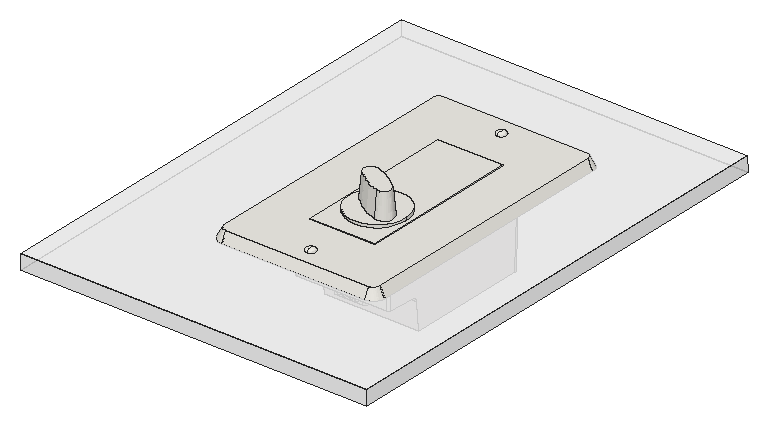
Revit family "AT-063AP", category Communication Devices, host Face, Revit 2016
Family settings
  Host = Face
  Maintain Annotation Orientation = No
  Part Type = Normal
  Round Connector Dimension = Use Diameter
  OmniClass Number = 23.85.10.11.14
  OmniClass Title = Audio Equipment
  Cut with Voids When Loaded = Yes
  Shared = No
  Room Calculation Point = No
Parameters (values of type "AT-063AP")
  Weight = "170 g (0.37 lb)(unit only)"
  URL = "http://toa.com.sg"
  Terminal = "Push-in connector"
  Model Type = "Attenuator"
  Dimension (attenuator only) = "41 (w) x 108 (h) x 52.4 (d) mm"
  Attenuation = "5 steps (0 dB, – 6 dB, – 12 dB, – 18 dB,OFF)"
  Input Volume = "0.5 – 6 W"
  Rated Impedance = "20 kΩ – 1.7 kΩ\r\n70V line: 1.7kΩ (3W), 3.3kΩ (1.5W), 10kΩ (0.5W)"
  Model By = "BIMLIFE PTE LTD"  # constant formula
  Model = "AT-063AP"
  Manufacturer = "TOA Electronics Pte Ltd"  # constant formula
  Supplier Tel = "+65 6835 9119"  # constant formula
  Supplier Fax = "+65 6835 9559"  # constant formula
  Supplier Address = "491B River Valley Road, #19-03/04 Valley Point Office Tower, Singapore 248373"  # constant formula
  Supplier = "TOA Electronics Pte Ltd"  # constant formula
  Suppiler Email = "http://toa.com.sg"  # constant formula
  Material = OFF-WHITE
  Finish = "Knob, panel, plate: ABS resin, white (RAL 1013 or equivalent color), Case: ABS resin, black"
  Dimension (with plate) = "70 (w) x 120 (h) x 52.4 (d) mm"
  Default Elevation = 0 mm
  Copyright To = "TOA Electronics Pte Ltd"  # constant formula
  Applicable Cable = "600 V vinyl-insulated cable (Indoor Vinyl or Heat-resistant Indoor Vinyl cable) Solid cable: ø0.8 (0.03\") – ø1.6 (0.06\") mm"
Reference planes
  plane 1 "Center (Front/Back)": y = 0
  plane 2: z = 0
  plane 3 "Center (Left/Right)": x = 0
Forms (mm)
  Extrusion 1, solid, material "Surface"
    sketch origin (1.238, -13.929, 0) x (1, 0, 0) y (0, 1, 0)
      loop
        line (-79.405, 109.432) -> (-79.405, -93.236) -> (67.641, -93.236) -> (67.641, 109.432) -> (-79.405, 109.432)
    from 0 to -6.497
  Extrusion 2, solid, material "OFF-WHITE" <- "Material"
    sketch origin (0, 0, 0) x (1, 0, 0) y (0, 1, 0)
      loop
        line (-13.8, 34.15) -> (-13.8, -34.15) -> (13.8, -34.15) -> (13.8, 34.15) -> (-13.8, 34.15)
    from 0 to 4
  Blend 3, solid, material "OFF-WHITE" <- "Material"
    base sketch origin (-322.903, -0.061, 0) x (1, 0, 0) y (0, 1, 0)
      loop
        line (353.237, 60.061) -> (292.57, 60.061)
        arc (292.57, 60.061) -> (289.27, 58.694) -> (287.903, 55.395) r 4.667
        line (287.903, 55.395) -> (287.903, -55.272)
        arc (287.903, -55.272) -> (289.27, -58.572) -> (292.57, -59.939) r 4.667
        line (292.57, -59.939) -> (353.237, -59.939)
        arc (353.237, -59.939) -> (356.537, -58.572) -> (357.903, -55.272) r 4.667
        line (357.903, -55.272) -> (357.903, 55.395)
        arc (357.903, 55.395) -> (356.537, 58.694) -> (353.237, 60.061) r 4.667
    top sketch origin (-322.903, -0.061, 0) x (1, 0, 0) y (0, 1, 0)
      loop
        line (289.903, 55.395) -> (289.903, -55.272)
        arc (289.903, -55.272) -> (290.684, -57.158) -> (292.57, -57.939) r 2.667
        line (292.57, -57.939) -> (353.237, -57.939)
        arc (353.237, -57.939) -> (355.122, -57.158) -> (355.903, -55.272) r 2.667
        line (355.903, -55.272) -> (355.903, 55.395)
        arc (355.903, 55.395) -> (355.122, 57.28) -> (353.237, 58.061) r 2.667
        line (353.237, 58.061) -> (292.57, 58.061)
        arc (292.57, 58.061) -> (290.684, 57.28) -> (289.903, 55.395) r 2.667
    from 0 to 4
  Extrusion 4, void
    sketch origin (0, 0, 0) x (1, 0, 0) y (0, 1, 0)
      loop
        line (-13.8, 34.15) -> (-13.8, -34.15) -> (13.8, -34.15) -> (13.8, 34.15) -> (-13.8, 34.15)
    from 0 to 4
  Extrusion 5, solid, material "OFF-WHITE" <- "Material"
    sketch origin (-322.903, -0.061, 4) x (1, 0, 0) y (0, 1, 0)
      loop
        circle (322.903, -15.249) r 12.197
    from 0 to 1
  Blend 6, solid, material "OFF-WHITE" <- "Material"
    base sketch origin (-322.903, -0.061, 5) x (1, 0, 0) y (0, 1, 0)
      loop
        arc (330.969, -15.642) -> (325.306, -11.088) -> (318.53, -8.46) r 23.754
        arc (318.53, -8.46) -> (314.26, -10.258) -> (314.838, -14.856) r 3.835
        arc (314.838, -14.856) -> (320.501, -19.409) -> (327.276, -22.038) r 23.754
        arc (327.276, -22.038) -> (331.546, -20.239) -> (330.969, -15.642) r 3.836
    top sketch origin (-322.903, -0.061, 5) x (1, 0, 0) y (0, 1, 0)
      loop
        arc (315.564, -14.168) -> (321.001, -18.543) -> (327.508, -21.065) r 22.754
        arc (327.508, -21.065) -> (330.68, -19.739) -> (330.243, -16.329) r 2.836
        arc (330.243, -16.329) -> (324.805, -11.954) -> (318.298, -9.433) r 22.754
        arc (318.298, -9.433) -> (315.126, -10.758) -> (315.564, -14.168) r 2.835
    from 0 to 10.5
  Revolve 7, solid, material "OFF-WHITE" <- "Material"
    sketch origin (0, 16.7, 0) x (0, 1, 0) y (0, 0, 1)
      loop
        line (33.8, 4) -> (33.8, 5)
        spline (33.8, 5) -> (33.539, 4.991) -> (33.282, 4.966) -> (33.035, 4.924) -> (32.8, 4.866) -> (32.582, 4.793) -> (32.386, 4.707) -> (32.213, 4.609) -> (32.068, 4.5) -> (31.952, 4.383) -> (31.868, 4.259) -> (31.817, 4.131) -> (31.8, 4)
        line (31.8, 4) -> (33.8, 4)
      axis (33.8, 5) -> (33.8, 4)
    angle from 0 to 360
  Revolve 8, solid, material "OFF-WHITE" <- "Material"
    sketch origin (0, -84.3, 0) x (0, 1, 0) y (0, 0, 1)
      loop
        line (33.8, 4) -> (33.8, 5)
        spline (33.8, 5) -> (33.539, 4.991) -> (33.282, 4.966) -> (33.035, 4.924) -> (32.8, 4.866) -> (32.582, 4.793) -> (32.386, 4.707) -> (32.213, 4.609) -> (32.068, 4.5) -> (31.952, 4.383) -> (31.868, 4.259) -> (31.817, 4.131) -> (31.8, 4)
        line (31.8, 4) -> (33.8, 4)
      axis (33.8, 5) -> (33.8, 4)
    angle from 0 to 360
  Blend 9, solid, material "OFF-WHITE" <- "Material"
    base sketch origin (-245.404, 0, 0) x (1, 0, 0) y (0, 1, 0)
      loop
        arc (226.481, 33.914) -> (225.773, 33.621) -> (225.481, 32.914) r 1
        line (225.481, 32.914) -> (225.481, -32.914)
        arc (225.481, -32.914) -> (225.775, -33.618) -> (226.48, -33.91) r 1
        line (226.48, -33.91) -> (264.328, -33.91)
        arc (264.328, -33.91) -> (265.034, -33.618) -> (265.328, -32.914) r 1
        line (265.328, -32.914) -> (265.328, 32.914)
        arc (265.328, 32.914) -> (265.035, 33.621) -> (264.328, 33.914) r 1
        line (264.328, 33.914) -> (226.481, 33.914)
    top sketch origin (-245.404, 0, 0) x (1, 0, 0) y (0, 1, 0)
      loop
        line (265.904, -33.508) -> (265.904, 33.49)
        arc (265.904, 33.49) -> (265.611, 34.197) -> (264.904, 34.49) r 1.001
        line (264.904, 34.49) -> (225.904, 34.49)
        arc (225.904, 34.49) -> (225.197, 34.197) -> (224.904, 33.49) r 1.001
        line (224.904, 33.49) -> (224.904, -33.51)
        arc (224.904, -33.51) -> (225.197, -34.217) -> (225.904, -34.51) r 1.001
        line (225.904, -34.51) -> (264.904, -34.51)
        arc (264.904, -34.51) -> (265.612, -34.216) -> (265.904, -33.508) r 1.001
    from -34 to 0
  Extrusion 10, void
    sketch origin (0, 0, 0) x (0, -1, 0) y (0, 0, -1)
      loop
        line (21.733, 20) -> (35.003, 19.487) -> (34.49, 37.494) -> (17.759, 37.494) -> (19.49, 22.243)
        arc (19.49, 22.243) -> (20.147, 20.657) -> (21.733, 20) r 2.243
    from -29.842 to 35
  Extrusion 11, solid, material "OFF-WHITE" <- "Material"
    sketch origin (0, 0, 0) x (0, 1, 0) y (0, 0, 1)
      loop
        line (-21.559, -20.007) -> (-30.608, -19.657) -> (-30.608, -23.419) -> (-27.846, -24.515) -> (-19.232, -24.515) -> (-19.547, -21.74)
        arc (-19.547, -21.74) -> (-20.269, -20.543) -> (-21.559, -20.007) r 2.243
    from -6 to 6
  Extrusion 12, solid, material "OFF-WHITE" <- "Material"
    sketch origin (0.094, -29.753, -20.736) x (0, 0, -1) y (1, 0, 0)
      loop
        circle (0.99, -4) r 1
      loop
        circle (0.99, -1.5) r 1
      loop
        circle (0.99, 1) r 1
      loop
        circle (0.99, 3.5) r 1
    from 0 to 1
Cuts and joins
  joined: Extrusion 5, Blend 6
  Extrusion 10 cuts Blend 9
Lines and regions (mm)
  model lines
    curve 1: line (-3.167, 18.17, 4) -> (-3.167, 20.503, 4)
    curve 2: line (-3.167, 18.17, 4) -> (-2.167, 18.17, 4)
    curve 3: line (-2.167, 20.503, 4) -> (-2.167, 18.17, 4)
    curve 4: line (-3.167, 20.503, 4) -> (-2.167, 20.503, 4)
    curve 5: line (-1.667, 20.503, 4) -> (-1.667, 18.17, 4)
    curve 6: line (0, 21.303, 4) -> (-1.667, 20.503, 4)
    curve 7: line (-1.667, 18.17, 4) -> (0, 17.37, 4)
    curve 8: line (0, 17.37, 4) -> (0, 21.303, 4)
    curve 9: arc (0.703, 17.024, 4) -> (1.341, 19.336, 4) -> (0.703, 21.649, 4) r 4.51
    curve 10: arc (1.547, 16.621, 4) -> (2.268, 19.336, 4) -> (1.547, 22.052, 4) r 5.476
    curve 11: arc (2.39, 16.217, 4) -> (3.198, 19.336, 4) -> (2.39, 22.456, 4) r 6.424
    curve 12: arc (-3.669, -2.318, 4) -> (-5.443, -2.956, 4) -> (-7.111, -3.835, 4) r 13.5
    curve 13: arc (-4.113, -1.066, 4) -> (-5.924, -1.988, 4) -> (-7.599, -3.14, 4) r 15.5
    curve 14: arc (1.539, -1.898, 4) -> (0.116, -1.81, 4) -> (-1.307, -1.873, 4) r 13.5
    curve 15: arc (1.521, 0.183, 4) -> (-0.041, 0.055, 4) -> (-1.581, -0.229, 4) r 15.5
    curve 16: line (2.15, -1.353, 4) -> (2.15, -0.427, 4)
    curve 17: line (3.244, -0.497, 4) -> (3.244, -1.725, 4)
    curve 18: arc (7.348, -3.985, 4) -> (5.585, -3.02, 4) -> (3.698, -2.326, 4) r 13.5
    curve 19: arc (7.409, -0.784, 4) -> (5.674, -0.252, 4) -> (3.889, 0.074, 4) r 15.5
    curve 20: line (7.944, -3.662, 4) -> (7.944, -1.554, 4)
    curve 21: line (9.111, -2.26, 4) -> (9.111, -4.861, 4)
    curve 22: arc (12.305, -3.732, 4) -> (11.076, -2.745, 4) -> (9.754, -1.889, 4) r 15.5
    curve 23: arc (12.283, -9.709, 4) -> (11.053, -7.559, 4) -> (9.45, -5.669, 4) r 13.5
    curve 24: line (12.911, -9.573, 4) -> (12.911, -5.082, 4)
    curve 25: arc (-7.599, -3.14, 4) -> (-7.683, -3.717, 4) -> (-7.111, -3.835, 4) r 0.425
    curve 26: arc (-4.113, -1.066, 4) -> (-3.223, -1.456, 4) -> (-3.669, -2.318, 4) r 0.665
    curve 27: arc (-1.581, -0.229, 4) -> (-2.212, -1.179, 4) -> (-1.307, -1.873, 4) r 0.835
    curve 28: arc (2.15, -0.427, 4) -> (1.964, 0.011, 4) -> (1.521, 0.183, 4) r 0.61
    curve 29: arc (2.15, -1.353, 4) -> (1.966, -1.762, 4) -> (1.539, -1.898, 4) r 0.549
    curve 30: arc (3.889, 0.074, 4) -> (3.438, -0.066, 4) -> (3.244, -0.497, 4) r 0.575
    curve 31: arc (3.244, -1.725, 4) -> (3.37, -2.102, 4) -> (3.698, -2.326, 4) r 0.626
    curve 32: arc (7.944, -3.662, 4) -> (7.742, -4.001, 4) -> (7.348, -3.985, 4) r 0.386
    curve 33: arc (7.944, -1.554, 4) -> (7.797, -1.086, 4) -> (7.409, -0.784, 4) r 0.821
    curve 34: arc (9.754, -1.889, 4) -> (9.325, -1.889, 4) -> (9.111, -2.26, 4) r 0.429
    curve 35: arc (9.111, -4.861, 4) -> (9.199, -5.299, 4) -> (9.45, -5.669, 4) r 1.131
    curve 36: arc (12.911, -9.573, 4) -> (12.652, -9.894, 4) -> (12.283, -9.709, 4) r 0.328
    curve 37: arc (12.911, -5.082, 4) -> (12.752, -4.342, 4) -> (12.305, -3.732, 4) r 1.807
Dimensions and locks
  aligned and locked: plane 2 to Extrusion 1
  aligned and locked: level to Extrusion 1
